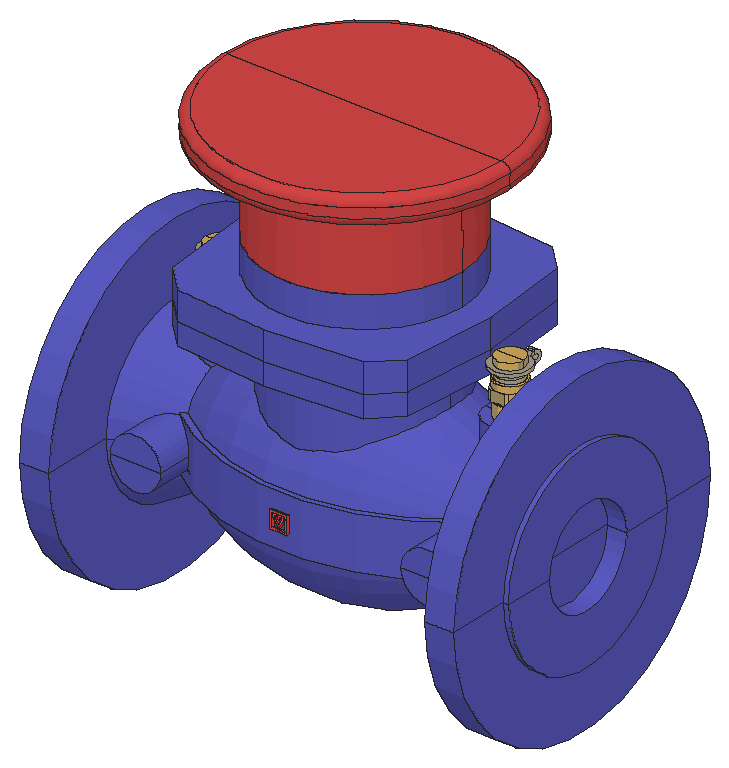
Revit family "HERZ Strömax Балансировочный клапан с измерительными клапанами, шпиндель прямой 4218 GF", category Rohrzubehör, Revit 2021
Family settings
  Bemaßung runder Anschluss = Durchmesser verwenden
  Teiletyp = Unterbricht
  OmniClass-Nummer = 23.65.55.14
  OmniClass-Titel = Valves for Liquid Services
  Arbeitsebenenbasiert = Nein
  Immer vertikal = Ja
  Beim Laden mit Abzugskörper schneiden = Nein
  Gemeinsam genutzt = Nein
Parameters
  Среда = "Допускается использование этилен- и пропиленгликоля в концентрации смеси 25-50% объема.\r\nКачество теплоносителя согласно ÖNORM H 5195 и VDI 2035."
  Область применения = "Для гидравлической балансировки в системах отопления или охлаждения, регулирования и перекрытия трубопроводов, стояков, теплообменников, тепловых и холодильных регистров."
  Номер заказа [instance] = size_lookup("4218_GF_", "Artnr", 0, Nennweite)  # 1421880
  Мин. рабочая температура = -10 °C  # constant formula
  Макс. рабочее давление = 1600000.0 Pa  # constant formula
  Макс. рабочая температура = 110 °C  # constant formula
  Корпус = "чугун GJL 250 по EN 1561"  # constant formula
  Исполнение = "Балансировочный клапан STRÖMAX-GF с измерительными клапанами DN 50 - 300:\r\nПрямой шпиндель, корпус из серого чугуна GJL 250 по EN 1561, фланец согласно EN 1092, PN 16, окрашен в синий цвет.\r\nБукса из серого чугуна GJL 250, с неподнимающимся шпинделем, уплотнение шпинделя с помощью тройного кольцевого уплотнения Цифровой указатель ступеней предварительной настройки."
  Измерение перепада давления = "Балансировочный клапан Strömax GF оборудован двумя измерительными клапанами:\r\nпри использовании соответствующего измерительного прибора можно измерить перепад давления и благодаря этому можно соответственно определить расход в зависимости от степени настройки.\r\nКроме того, с HERZ измерительного компьютера можно непосредственно считывать показания расхода (см. инструкцию).\r\nПри использовании этиленгликоля, как средства от замерзания, меняется плотность теплоносителя, которую обязательно необходимо учитывать при измерениях перепада давления."
  Букса = "чугун GJL 250 по EN 1561"  # constant formula
  kvs-значения [instance] = if(Nennweite = 50.00 mm, 34.96, if(Nennweite = 65.00 mm, 66.94, if(Nennweite = 80.00 mm, 106.78, if(Nennweite = 100.00 mm, 169.45, if(Nennweite = 125.00 mm, 255.79, if(Nennweite = 150.00 mm, 389.54, if(Nennweite = 200.00 mm, 676.33, if(Nennweite = 250.00 mm, 1082.72, if(Nennweite = 300.00 mm, 1784.91, 0)))))))))  # 34.96
  Счетное устройство = "пластмасса"  # constant formula
  W02 = 60.00°  # constant formula
  W01 = 85.00°  # constant formula
  Кегель клапана = "чугун GJL 250 по EN 1561/ EPDM с покрытием"  # constant formula
  Vorgabe-Ansicht = 0.00 mm
  S01 [instance] = Nennweite + 10.00 mm  # 60.00 mm
  Регулировочный шпиндель = "латунь / нержавеющая сталь"  # constant formula
  Шпиндель (DN50 - DN100) = "латунь"  # constant formula
  O-Ring = "EPDM"  # constant formula
  URL = "www.herz-armaturen.ru"
  SCRNSEQ = "ARM;ARM_TYP=\"STRV\";2"
  SCRNCODE = "05;07;02"  # constant formula
  R02 [instance] = size_lookup("4218_GF_", "R2", 1.00 mm, Nennweite)  # 12.50 mm
  R01 [instance] = size_lookup("4218_GF_", "R1", 1.00 mm, Nennweite)  # 13.00 mm
  Шпиндель (DN125 - DN300) = "нержавеющая сталь"  # constant formula
  Nennweite [instance] = 50.00 mm
  L04 [instance] = size_lookup("4218_GF_", "L4", 1.00 mm, Nennweite)  # 75.00 mm
  L03 [instance] = if(Nennweite = 50.00 mm, 48.00 mm, if(Nennweite = 65.00 mm, 52.00 mm, if(Nennweite = 80.00 mm, 60.00 mm, if(Nennweite = 100.00 mm, 75.00 mm, 15.00 mm))))  # 48.00 mm
  L02 [instance] = size_lookup("4218_GF_", "L2", 1.00 mm, Nennweite)  # 75.00 mm
  L01 [instance] = size_lookup("4218_GF_", "L1", 1.00 mm, Nennweite)  # 70.00 mm
  L00 [instance] = size_lookup("4218_GF_", "L", 1.00 mm, Nennweite)  # 230.00 mm
  Hersteller = "HERZ Armaturen Ges.m.b.H."  # constant formula
  H09 [instance] = H08 + H02  # 109.00 mm
  H08 [instance] = size_lookup("4218_GF_", "H8", 1.00 mm, Nennweite)  # 31.00 mm
  H07 [instance] = H02 + H06  # 93.00 mm
  H06 [instance] = size_lookup("4218_GF_", "H6", 1.00 mm, Nennweite)  # 15.00 mm
  H05 [instance] = size_lookup("4218_GF_", "H5", 1.00 mm, Nennweite)  # 51.50 mm
  H04 [instance] = H02 - H03  # 67.00 mm
  H03 [instance] = size_lookup("4218_GF_", "H3", 1.00 mm, Nennweite)  # 11.00 mm
  H02 [instance] = size_lookup("4218_GF_", "H2", 1.00 mm, Nennweite)  # 78.00 mm
  H01 [instance] = size_lookup("4218_GF_", "H1", 1.00 mm, Nennweite)  # 54.00 mm
  GT = 10.00 mm  # constant formula
  FLL02 [instance] = size_lookup("4218_GF_", "FLL2", 1.00 mm, Nennweite)  # 15.00 mm
  FLL01 [instance] = size_lookup("4218_GF_", "FLL1", 1.00 mm, Nennweite)  # 3.00 mm
  FLD03 [instance] = size_lookup("4218_GF_", "FLD3", 1.00 mm, Nennweite)  # 30.20 mm
  FLD02 [instance] = size_lookup("4218_GF_", "FLD2", 1.00 mm, Nennweite)  # 46.00 mm
  FLD01 [instance] = size_lookup("4218_GF_", "FLD1", 1.00 mm, Nennweite)  # 51.00 mm
  FLD00 [instance] = size_lookup("4218_GF_", "FLD", 1.00 mm, Nennweite)  # 82.50 mm
  DN80-DN100 [instance] = or(Nennweite = 80.00 mm, Nennweite = 100.00 mm)  # no
  DN80 [instance] = Nennweite = 80.00 mm  # no
  DN65 [instance] = Nennweite = 65.00 mm  # no
  DN50-DN65 [instance] = or(Nennweite = 50.00 mm, Nennweite = 65.00 mm)  # yes
  DN50-DN100 [instance] = or(Nennweite = 50.00 mm, Nennweite = 65.00 mm, Nennweite = 80.00 mm, Nennweite = 100.00 mm)  # yes
  DN50 [instance] = Nennweite = 50.00 mm  # yes
  DN300 [instance] = Nennweite = 300.00 mm  # no
  DN250 [instance] = Nennweite = 250.00 mm  # no
  DN200-DN300 [instance] = or(Nennweite = 200.00 mm, Nennweite = 250.00 mm, Nennweite = 300.00 mm)  # no
  DN200 [instance] = Nennweite = 200.00 mm  # no
  DN150 [instance] = Nennweite = 150.00 mm  # no
  DN125-DN300 [instance] = or(Nennweite = 125.00 mm, Nennweite = 150.00 mm, Nennweite = 200.00 mm, Nennweite = 250.00 mm, Nennweite = 300.00 mm)  # no
  DN125-DN150 [instance] = or(Nennweite = 125.00 mm, Nennweite = 150.00 mm)  # no
  DN125 [instance] = Nennweite = 125.00 mm  # no
  DN100 [instance] = Nennweite = 100.00 mm  # no
  D03 [instance] = size_lookup("4218_GF_", "D3", 1.00 mm, Nennweite)  # 50.50 mm
  D02 [instance] = size_lookup("4218_GF_", "D2", 1.00 mm, Nennweite)  # 65.00 mm
  D01 [instance] = size_lookup("4218_GF_", "D1", 1.00 mm, Nennweite)  # 44.50 mm
  D00 [instance] = size_lookup("4218_GF_", "D", 1.00 mm, Nennweite)  # 54.00 mm
  BH02 [instance] = -BH01  # -13.50 mm
  BH01 [instance] = size_lookup("4218_GF_", "BH1", 1.00 mm, Nennweite)  # 13.50 mm
  Anschluss [instance] = Nennweite / 2  # 25.00 mm
Reference planes
  plane 1 "Mitte (Vorne/hinten)": y = 0
  plane 2: z = 0
  plane 3 "Mitte (Links/rechts)": x = 0
Forms (mm)
  Revolve 1, solid, material "Herz-Marineblau", detail levels fine
    sketch origin (1058.943, 0, 0) x (1, 0, 0) y (0, 1, 0)
      loop
        line (-1170.943, 82.5) -> (-1170.943, 51) -> (-1173.943, 51) -> (-1173.943, 25) -> (-1163.943, 25) -> (-1163.943, 0) -> (-953.943, 0) -> (-953.943, 25) -> (-943.943, 25) -> (-943.943, 51) -> (-946.943, 51) -> (-946.943, 82.5) -> (-961.943, 82.5) -> (-961.943, 46) -> (-988.943, 30.2)
        arc (-988.943, 30.2) -> (-1058.943, 54) -> (-1128.943, 30.2) r 114.841
        line (-1128.943, 30.2) -> (-1155.943, 46) -> (-1155.943, 82.5) -> (-1170.943, 82.5)
      axis (-1173.943, 0) -> (-943.943, 0)
    angle from 0 to 360
  Revolve 2, solid, material "Herz-Marineblau", detail levels fine
    sketch origin (0, 0, 0) x (1, 0, 0) y (0, 1, 0)
      loop
        line (-75, 54) -> (-88, 54) -> (-88, -54) -> (-75, -54) -> (-75, 54)
      axis (-75, 54) -> (-75, -54)
    angle from 0 to 360
  Revolve 3, solid, material "Herz-Marineblau", detail levels fine
    sketch origin (0, 0, 0) x (-1, 0, 0) y (0, 1, 0)
      loop
        line (-75, 54) -> (-88, 54) -> (-88, -54) -> (-75, -54) -> (-75, 54)
      axis (-75, 54) -> (-75, -54)
    angle from 0 to 360
  Revolve 4, solid, material "Herz-Marineblau", visible <- "DN125-DN300", detail levels fine
    sketch origin (0, 0, 0) x (1, 0, 0) y (0, 0, 1)
      loop
        line (0, 0) -> (0, 78) -> (-65, 78) -> (-65, 67) -> (-44.5, 67) -> (-44.5, 0) -> (0, 0)
      axis (0, 78) -> (0, 0)
    angle from 0 to 360
  Revolve 5, solid, material "Herz-Marineblau", visible <- "DN50-DN100", detail levels fine
    sketch origin (0, 0, 0) x (1, 0, 0) y (0, 0, 1)
      loop
        line (0, 0) -> (0, 67) -> (-44.5, 67) -> (-44.5, 0) -> (0, 0)
      axis (0, 67) -> (0, 0)
    angle from 0 to 360
  Extrusion 6, solid, material "Herz-Marineblau", visible <- "DN50-DN100", detail levels fine
    sketch origin (0, 0, 0) x (1, 0, 0) y (0, 1, 0)
      loop
        line (0, 65) -> (-48, 60.801) -> (-60.801, 48) -> (-65, 0) -> (-60.801, -48) -> (-48, -60.801) -> (0, -65) -> (48, -60.801) -> (60.801, -48) -> (65, 0) -> (60.801, 48) -> (48, 60.801) -> (0, 65)
    from 67 <- "H04" to 78 <- "H02"
  Revolve 7, solid, material "Herz-Marineblau", detail levels fine
    sketch origin (0, 0, 0) x (1, 0, 0) y (0, 0, 1)
      loop
        line (-75, 0) -> (-75, 51.5) -> (-87.5, 51.5) -> (-87.5, 0) -> (-75, 0)
      axis (-75, 51.5) -> (-75, 0)
    angle from 0 to 360
  Revolve 8, solid, material "Herz-Marineblau", detail levels fine
    sketch origin (0, 0, 0) x (-1, 0, 0) y (0, 0, 1)
      loop
        line (-75, 0) -> (-75, 51.5) -> (-87.5, 51.5) -> (-87.5, 0) -> (-75, 0)
      axis (-75, 51.5) -> (-75, 0)
    angle from 0 to 360
  Extrusion 9, solid, material "Herz-Marineblau", visible <- "DN50", detail levels fine
    sketch origin (0, 0, 0) x (1, 0, 0) y (0, 1, 0)
      loop
        line (-75, 27.444) -> (-75, -27.444)
        arc (-75, -27.444) -> (0, -55) -> (75, -27.444) r 115.842
        line (75, -27.444) -> (75, 27.444)
        arc (75, 27.444) -> (0, 55) -> (-75, 27.444) r 115.842
    from -13.5 <- "BH02" to 13.5 <- "BH01"
  Extrusion 10, solid, material "Herz-Marineblau", visible <- "DN65", detail levels fine
    sketch origin (0, 0, 0) x (1, 0, 0) y (0, 1, 0)
      loop
        arc (-89, -45.667) -> (0, -68.022) -> (89, -45.667) r 188.34
        line (89, -45.667) -> (89, 45.667)
        arc (89, 45.667) -> (0, 68.022) -> (-89, 45.667) r 188.34
        line (-89, 45.667) -> (-89, -45.667)
    from -13.5 <- "BH02" to 13.5 <- "BH01"
  Extrusion 11, solid, material "Herz-Marineblau", visible <- "DN80", detail levels fine
    sketch origin (0, 0, 0) x (1, 0, 0) y (0, 1, 0)
      loop
        arc (-100, -48.604) -> (0, -75.01) -> (100, -48.604) r 202.557
        line (100, -48.604) -> (100, 48.604)
        arc (100, 48.604) -> (0, 75.01) -> (-100, 48.604) r 202.557
        line (-100, 48.604) -> (-100, -48.604)
    from -13.5 <- "BH02" to 13.5 <- "BH01"
  Extrusion 12, solid, material "Herz-Marineblau", visible <- "DN100", detail levels fine
    sketch origin (0, 0, 0) x (1, 0, 0) y (0, 1, 0)
      loop
        arc (-118, -60.889) -> (0, -83.721) -> (118, -60.889) r 316.34
        line (118, -60.889) -> (118, 60.889)
        arc (118, 60.889) -> (0, 83.721) -> (-118, 60.889) r 316.34
        line (-118, 60.889) -> (-118, -60.889)
    from -13.5 <- "BH02" to 13.5 <- "BH01"
  Extrusion 13, solid, material "Herz-Marineblau", visible <- "DN125", detail levels fine
    sketch origin (0, 0, 0) x (1, 0, 0) y (0, 1, 0)
      loop
        arc (-140, -75.261) -> (0, -118.541) -> (140, -75.261) r 248.073
        line (140, -75.261) -> (140, 75.261)
        arc (140, 75.261) -> (0, 118.541) -> (-140, 75.261) r 248.073
        line (-140, 75.261) -> (-140, -75.261)
    from -13.5 <- "BH02" to 13.5 <- "BH01"
  Extrusion 14, solid, material "Herz-Marineblau", visible <- "DN150", detail levels fine
    sketch origin (0, 0, 0) x (1, 0, 0) y (0, 1, 0)
      loop
        arc (-170, -94.727) -> (0, -138.5) -> (170, -94.727) r 352.003
        line (170, -94.727) -> (170, 94.727)
        arc (170, 94.727) -> (0, 138.5) -> (-170, 94.727) r 352.003
        line (-170, 94.727) -> (-170, -94.727)
    from -13.5 <- "BH02" to 13.5 <- "BH01"
  Extrusion 15, solid, material "Herz-Marineblau", visible <- "DN200", detail levels fine
    sketch origin (0, 0, 0) x (1, 0, 0) y (0, 1, 0)
      loop
        arc (-200, -127.319) -> (0, -163.032) -> (200, -127.319) r 577.879
        line (200, -127.319) -> (200, 127.319)
        arc (200, 127.319) -> (0, 163.032) -> (-200, 127.319) r 577.879
        line (-200, 127.319) -> (-200, -127.319)
    from -13.5 <- "BH02" to 13.5 <- "BH01"
  Extrusion 16, solid, material "Herz-Marineblau", visible <- "DN250", detail levels fine
    sketch origin (0, 0, 0) x (1, 0, 0) y (0, 1, 0)
      loop
        arc (-250, -153.89) -> (0, -191.531) -> (250, -153.89) r 849.033
        line (250, -153.89) -> (250, 153.89)
        arc (250, 153.89) -> (0, 191.531) -> (-250, 153.89) r 849.033
        line (-250, 153.89) -> (-250, -153.89)
    from -13.5 <- "BH02" to 13.5 <- "BH01"
  Extrusion 17, solid, material "Herz-Marineblau", visible <- "DN300", detail levels fine
    sketch origin (0, 0, 0) x (1, 0, 0) y (0, 1, 0)
      loop
        arc (-300, -192.377) -> (0, -268.099) -> (300, -192.377) r 632.133
        line (300, -192.377) -> (300, 192.377)
        arc (300, 192.377) -> (0, 268.099) -> (-300, 192.377) r 632.133
        line (-300, 192.377) -> (-300, -192.377)
    from -13.5 <- "BH02" to 13.5 <- "BH01"
  Extrusion 18, solid, material "Herz-Marineblau", visible <- "DN50-DN100", detail levels fine
    sketch origin (0, 0, 0) x (1, 0, 0) y (0, 1, 0)
      loop
        line (0, 65) -> (-48, 60.801) -> (-60.801, 48) -> (-65, 0) -> (-60.801, -48) -> (-48, -60.801) -> (0, -65) -> (48, -60.801) -> (60.801, -48) -> (65, 0) -> (60.801, 48) -> (48, 60.801) -> (0, 65)
    from 78 <- "H02" to 93 <- "H07"
  Revolve 19, solid, material "Herz-Marineblau", visible <- "DN125-DN300", detail levels fine
    sketch origin (0, 0, 0) x (1, 0, 0) y (0, 0, 1)
      loop
        line (0, 78) -> (0, 109) -> (-50.5, 109) -> (-50.5, 93) -> (-65, 93) -> (-65, 78) -> (0, 78)
      axis (0, 109) -> (0, 78)
    angle from 0 to 360
  Revolve 20, solid, material "Herz-Marineblau", visible <- "DN50-DN100", detail levels fine
    sketch origin (0, 0, 0) x (1, 0, 0) y (0, 0, 1)
      loop
        line (0, 93) -> (0, 109) -> (-50.5, 109) -> (-50.5, 93) -> (0, 93)
      axis (0, 109) -> (0, 93)
    angle from 0 to 360
Lines and regions (mm)
  model lines, detail levels coarse+medium
    curve 1: line (-115, 0, 82.5) -> (-115, 0, -82.5)
    curve 2: line (-115, 0, -82.5) -> (115, 0, 82.5)
    curve 3: line (115, 0, 82.5) -> (115, 0, -82.5)
    curve 4: line (115, 0, -82.5) -> (-115, 0, 82.5)
    curve 5: line (0, 0, 0) -> (62.931, 0, 109)
    curve 6: line (36.95, 0, 124) -> (88.912, 0, 94)
    curve 7: line (-115, 82.5, 0) -> (-115, -82.5, 0)
    curve 8: line (-115, -82.5, 0) -> (115, 82.5, 0)
    curve 9: line (115, 82.5, 0) -> (115, -82.5, 0)
    curve 10: line (115, -82.5, 0) -> (-115, 82.5, 0)
    curve 11: line (0, 0, 0) -> (62.931, 109, 0)
    curve 12: line (36.95, 124, 0) -> (88.912, 94, 0)
Dimensions and locks
  "FLD00": plane 1 "Mitte (Vorne/hinten)" to Revolve 1 sketch curve
  "FLD01": plane 1 "Mitte (Vorne/hinten)" to Revolve 1 sketch curve
  "FLD02": plane 1 "Mitte (Vorne/hinten)" to Revolve 1 sketch curve  (x2)
  "FLD03": plane 1 "Mitte (Vorne/hinten)" to Revolve 1 sketch curve  (x2)
  "GT": Revolve 1 sketch curve to Revolve 1 sketch curve  (x2)
  "FLL01": Revolve 1 sketch curve to Revolve 1 sketch curve  (x2)
  "FLL02": Revolve 1 sketch curve to Revolve 1 sketch curve  (x2)
  equal spacing: Revolve 1 sketch curve, plane 3 "Mitte (Links/rechts)", Revolve 1 sketch curve
  "Anschluss": Revolve 1 sketch curve to plane 1 "Mitte (Vorne/hinten)"
  "Anschluss": plane 1 "Mitte (Vorne/hinten)" to Revolve 1 sketch curve
  "FLD01": Revolve 1 sketch curve to plane 1 "Mitte (Vorne/hinten)"
  "FLD00": Revolve 1 sketch curve to plane 1 "Mitte (Vorne/hinten)"
  "L00": Revolve 1 sketch curve to Revolve 1 sketch curve
  "D00": plane 1 "Mitte (Vorne/hinten)" to Revolve 1 sketch curve
  "L01": Revolve 1 sketch curve to plane 3 "Mitte (Links/rechts)" to Revolve 1 sketch curve
  "L02": Revolve 2 sketch curve to plane 3 "Mitte (Links/rechts)"
  "R01": Revolve 2 sketch curve to Revolve 2 sketch curve
  "H01": Revolve 2 sketch curve to plane 1 "Mitte (Vorne/hinten)" to Revolve 2 sketch curve
  "L02": plane 3 "Mitte (Links/rechts)" to Revolve 3 sketch curve
  "R01": Revolve 3 sketch curve to Revolve 3 sketch curve
  "H01": Revolve 3 sketch curve to plane 1 "Mitte (Vorne/hinten)" to Revolve 3 sketch curve
  "H02": Revolve 4 sketch curve to plane 2
  "D01": Revolve 4 sketch curve to Revolve 4 sketch curve
  "D02": Revolve 4 sketch curve to Revolve 4 sketch curve
  "H03": Revolve 4 sketch curve to Revolve 4 sketch curve
  "H04": Revolve 5 sketch curve to plane 2
  "D01": Revolve 5 sketch curve to Revolve 5 sketch curve
  "D02": Extrusion 6 sketch curve to plane 3 "Mitte (Links/rechts)" to Extrusion 6 sketch curve
  "D02": Extrusion 6 sketch curve to plane 1 "Mitte (Vorne/hinten)" to Extrusion 6 sketch curve
  "L03": Extrusion 6 sketch curve to plane 3 "Mitte (Links/rechts)"  (x2)
  "L03": plane 3 "Mitte (Links/rechts)" to Extrusion 6 sketch curve  (x2)
  "L03": plane 1 "Mitte (Vorne/hinten)" to Extrusion 6 sketch curve  (x2)
  "L03": Extrusion 6 sketch curve to plane 1 "Mitte (Vorne/hinten)"  (x2)
  "L04": plane 3 "Mitte (Links/rechts)" to Revolve 7 sketch curve
  "R02": Revolve 7 sketch curve to Revolve 7 sketch curve
  "H05": Revolve 7 sketch curve to plane 2
  "R02": Revolve 8 sketch curve to Revolve 8 sketch curve
  "L04": Revolve 8 sketch curve to plane 3 "Mitte (Links/rechts)"
  "H05": Revolve 8 sketch curve to plane 2
  "L04": plane 3 "Mitte (Links/rechts)" to nested 1
  "L04": nested 2 to plane 3 "Mitte (Links/rechts)"
  "H05": nested 1 to plane 2
  "H05": nested 2 to plane 2
  "L03": Extrusion 18 sketch curve to plane 3 "Mitte (Links/rechts)"  (x2)
  "L03": plane 3 "Mitte (Links/rechts)" to Extrusion 18 sketch curve  (x2)
  "L03": plane 1 "Mitte (Vorne/hinten)" to Extrusion 18 sketch curve  (x2)
  "L03": Extrusion 18 sketch curve to plane 1 "Mitte (Vorne/hinten)"  (x2)
  "D02": Extrusion 18 sketch curve to plane 3 "Mitte (Links/rechts)" to Extrusion 18 sketch curve
  "D02": Extrusion 18 sketch curve to plane 1 "Mitte (Vorne/hinten)" to Extrusion 18 sketch curve
  "H02": Revolve 19 sketch curve to plane 2
  "H06": Revolve 19 sketch curve to Revolve 19 sketch curve
  "H08": Revolve 19 sketch curve to Revolve 19 sketch curve
  "D03": Revolve 19 sketch curve to Revolve 19 sketch curve
  "D02": Revolve 19 sketch curve to Revolve 19 sketch curve
  "D03": Revolve 20 sketch curve to Revolve 20 sketch curve
  "H07": Revolve 20 sketch curve to plane 2
  "H08": Revolve 20 sketch curve to Extrusion 18
  "H09": nested 12 to plane 2
  "H09": nested 13 to plane 2
  "H09": nested 14 to plane 2
  "H09": nested 15 to plane 2
  "FLD00": curve 4 to plane 2 to curve 2
  "FLD00": curve 3 to plane 2 to curve 4
  equal spacing: curve 1, plane 3 "Mitte (Links/rechts)", curve 3
  "L00": curve 1 to curve 3
  "H09": curve 5 to plane 2
  equal spacing: curve 1, curve 5, curve 3
  equal spacing: curve 6, curve 5, curve 6
  "S01": curve 6 to curve 6
  "FLD00": curve 8 to plane 1 "Mitte (Vorne/hinten)" to curve 10
  "FLD00": curve 10 to plane 1 "Mitte (Vorne/hinten)" to curve 9
  equal spacing: curve 7, plane 3 "Mitte (Links/rechts)", curve 9
  "L00": curve 7 to curve 9
  equal spacing: curve 7, curve 11, curve 9
  "H09": plane 1 "Mitte (Vorne/hinten)" to curve 11
  equal spacing: curve 12, curve 11, curve 12
  "S01": curve 12 to curve 12
  "W01": angle Extrusion 6 sketch curve to plane 3 "Mitte (Links/rechts)"  (x2)
  "W01": angle plane 3 "Mitte (Links/rechts)" to Extrusion 6 sketch curve  (x2)
  "W01": angle Extrusion 6 sketch curve to plane 1 "Mitte (Vorne/hinten)"  (x2)
  "W01": angle plane 1 "Mitte (Vorne/hinten)" to Extrusion 6 sketch curve  (x2)
  "W01": angle plane 1 "Mitte (Vorne/hinten)" to Extrusion 18 sketch curve  (x2)
  "W01": angle Extrusion 18 sketch curve to plane 1 "Mitte (Vorne/hinten)"  (x2)
  "W01": angle Extrusion 18 sketch curve to plane 3 "Mitte (Links/rechts)"  (x2)
  "W01": angle plane 3 "Mitte (Links/rechts)" to Extrusion 18 sketch curve  (x2)
  "W02": angle plane 2 to curve 5
  "W02": angle plane 1 "Mitte (Vorne/hinten)" to curve 11
  aligned and locked: level to plane 2
Automatic sketch dimensions
  Extrusion 9 sketch curve to plane 3 "Mitte (Links/rechts)" = 0.00 mm  (x2)
  Extrusion 9 sketch curve to plane 1 "Mitte (Vorne/hinten)" = 27.444 mm  (x2)
  Extrusion 9 sketch curve to plane 3 "Mitte (Links/rechts)" = 75.00 mm
  plane 1 "Mitte (Vorne/hinten)" to Extrusion 9 sketch curve = 60.843 mm
  Extrusion 9 sketch curve to plane 1 "Mitte (Vorne/hinten)" = 60.843 mm
  plane 1 "Mitte (Vorne/hinten)" to Extrusion 9 sketch curve = 27.444 mm
  Extrusion 10 sketch curve to plane 3 "Mitte (Links/rechts)" = 0.00 mm  (x2)
  plane 1 "Mitte (Vorne/hinten)" to Extrusion 10 sketch curve = 45.667 mm
  Extrusion 10 sketch curve to plane 3 "Mitte (Links/rechts)" = 89.00 mm
  Extrusion 10 sketch curve to Extrusion 10 sketch curve = 74.651 mm
  Extrusion 10 sketch curve to plane 1 "Mitte (Vorne/hinten)" = 120.318 mm
  Extrusion 10 sketch curve to plane 1 "Mitte (Vorne/hinten)" = 45.667 mm  (x2)
  Extrusion 11 sketch curve to plane 3 "Mitte (Links/rechts)" = 0.00 mm  (x2)
  plane 1 "Mitte (Vorne/hinten)" to Extrusion 11 sketch curve = 48.604 mm  (x2)
  Extrusion 11 sketch curve to plane 3 "Mitte (Links/rechts)" = 100.00 mm
  Extrusion 11 sketch curve to Extrusion 11 sketch curve = 78.943 mm
  Extrusion 11 sketch curve to plane 1 "Mitte (Vorne/hinten)" = 127.547 mm
  Extrusion 11 sketch curve to plane 1 "Mitte (Vorne/hinten)" = 48.604 mm
  Extrusion 12 sketch curve to plane 3 "Mitte (Links/rechts)" = 0.00 mm  (x2)
  Extrusion 12 sketch curve to plane 1 "Mitte (Vorne/hinten)" = 60.889 mm  (x2)
  Extrusion 12 sketch curve to plane 3 "Mitte (Links/rechts)" = 118.00 mm
  plane 1 "Mitte (Vorne/hinten)" to Extrusion 12 sketch curve = 232.619 mm
  Extrusion 12 sketch curve to Extrusion 12 sketch curve = 171.731 mm
  plane 1 "Mitte (Vorne/hinten)" to Extrusion 12 sketch curve = 60.889 mm
  Extrusion 13 sketch curve to plane 3 "Mitte (Links/rechts)" = 0.00 mm  (x2)
  Extrusion 13 sketch curve to plane 1 "Mitte (Vorne/hinten)" = 75.261 mm  (x2)
  Extrusion 13 sketch curve to plane 3 "Mitte (Links/rechts)" = 140.00 mm
  plane 1 "Mitte (Vorne/hinten)" to Extrusion 13 sketch curve = 129.532 mm
  Extrusion 13 sketch curve to plane 1 "Mitte (Vorne/hinten)" = 129.532 mm
  plane 1 "Mitte (Vorne/hinten)" to Extrusion 13 sketch curve = 75.261 mm
  Extrusion 14 sketch curve to plane 3 "Mitte (Links/rechts)" = 0.00 mm  (x2)
  plane 1 "Mitte (Vorne/hinten)" to Extrusion 14 sketch curve = 94.727 mm  (x2)
  Extrusion 14 sketch curve to plane 3 "Mitte (Links/rechts)" = 170.00 mm
  Extrusion 14 sketch curve to Extrusion 14 sketch curve = 118.776 mm
  Extrusion 14 sketch curve to plane 1 "Mitte (Vorne/hinten)" = 213.503 mm
  Extrusion 14 sketch curve to plane 1 "Mitte (Vorne/hinten)" = 94.727 mm
  Extrusion 15 sketch curve to plane 3 "Mitte (Links/rechts)" = 0.00 mm  (x2)
  Extrusion 15 sketch curve to plane 1 "Mitte (Vorne/hinten)" = 127.319 mm  (x2)
  Extrusion 15 sketch curve to plane 3 "Mitte (Links/rechts)" = 200.00 mm
  plane 1 "Mitte (Vorne/hinten)" to Extrusion 15 sketch curve = 414.847 mm
  Extrusion 15 sketch curve to Extrusion 15 sketch curve = 287.528 mm
  plane 1 "Mitte (Vorne/hinten)" to Extrusion 15 sketch curve = 127.319 mm
  Extrusion 16 sketch curve to plane 3 "Mitte (Links/rechts)" = 0.00 mm  (x2)
  Extrusion 16 sketch curve to plane 1 "Mitte (Vorne/hinten)" = 153.89 mm  (x2)
  Extrusion 16 sketch curve to plane 3 "Mitte (Links/rechts)" = 250.00 mm
  plane 1 "Mitte (Vorne/hinten)" to Extrusion 16 sketch curve = 657.503 mm
  Extrusion 16 sketch curve to Extrusion 16 sketch curve = 503.613 mm
  plane 1 "Mitte (Vorne/hinten)" to Extrusion 16 sketch curve = 153.89 mm
  Extrusion 17 sketch curve to plane 3 "Mitte (Links/rechts)" = 0.00 mm  (x2)
  Extrusion 17 sketch curve to plane 1 "Mitte (Vorne/hinten)" = 192.377 mm  (x2)
  Extrusion 17 sketch curve to plane 3 "Mitte (Links/rechts)" = 300.00 mm
  plane 1 "Mitte (Vorne/hinten)" to Extrusion 17 sketch curve = 364.034 mm
  Extrusion 17 sketch curve to Extrusion 17 sketch curve = 171.657 mm
  plane 1 "Mitte (Vorne/hinten)" to Extrusion 17 sketch curve = 192.377 mm
  plane 1 "Mitte (Vorne/hinten)" to Revolve 1 sketch curve = 0.00 mm  (x2)
  Revolve 1 sketch curve to Revolve 1 sketch curve = 35.00 mm
  Revolve 1 sketch curve to Revolve 1 sketch curve = 30.00 mm
  Revolve 2 sketch curve to Revolve 2 sketch curve = 0.00 mm  (x3)
  Revolve 3 sketch curve to Revolve 3 sketch curve = 0.00 mm  (x3)
  Revolve 4 sketch curve to level = 0.00 mm
  Revolve 4 sketch curve to plane 3 "Mitte (Links/rechts)" = 0.00 mm  (x2)
  Revolve 4 sketch curve to Revolve 4 sketch curve = 366.045 mm
  Revolve 4 sketch curve to Revolve 4 sketch curve = 2169.315 mm
  Revolve 5 sketch curve to level = 0.00 mm
  Revolve 5 sketch curve to plane 3 "Mitte (Links/rechts)" = 0.00 mm  (x2)
  Revolve 5 sketch curve to Revolve 5 sketch curve = 366.045 mm
  Revolve 5 sketch curve to Revolve 5 sketch curve = 2147.315 mm
  Extrusion 6 sketch curve to plane 3 "Mitte (Links/rechts)" = 0.00 mm  (x2)
  plane 1 "Mitte (Vorne/hinten)" to Extrusion 6 sketch curve = 0.00 mm  (x2)
  Revolve 7 sketch curve to level = 0.00 mm  (x2)
  Revolve 7 sketch curve to Revolve 7 sketch curve = 0.00 mm  (x2)
  Revolve 8 sketch curve to level = 0.00 mm  (x2)
  Revolve 8 sketch curve to Revolve 8 sketch curve = 0.00 mm  (x2)
  Extrusion 18 sketch curve to plane 3 "Mitte (Links/rechts)" = 0.00 mm  (x2)
  plane 1 "Mitte (Vorne/hinten)" to Extrusion 18 sketch curve = 0.00 mm  (x2)
  Revolve 19 sketch curve to plane 3 "Mitte (Links/rechts)" = 0.00 mm  (x2)
  Revolve 19 sketch curve to level = 366.045 mm
  Revolve 19 sketch curve to Revolve 19 sketch curve = 2105.315 mm
  Revolve 20 sketch curve to plane 3 "Mitte (Links/rechts)" = 0.00 mm  (x2)
  Revolve 20 sketch curve to level = 366.045 mm
  Revolve 20 sketch curve to Revolve 20 sketch curve = 2105.315 mm
Nested families
  nested 1: "Messstutzen_Band_Eintritt_senkrecht_(oben)" at (-75, 0, 42.5), type "Messstutzen_Band_Eintritt_senkrecht_(oben)", detail levels fine
    with Schutzkappe yes, Nennweite 0.00 mm, Gewicht 0.00 kg, Bestellnummer 0
  nested 2: "Messstutzen_Band_Austritt_senkrecht_(oben)" at (75, 0, 42.5), type "Messstutzen_Band_Austritt_senkrecht_(oben)", detail levels fine
    with Schutzkappe yes, Nennweite 0.00 mm, Gewicht 0.00 kg, Bestellnummer 0
  nested 3: "Herz-Logo-vorne" at (0, -55, 0) x (0, 1, 0) z (0, 0, 1), visible <- "DN50", type "Herz-Logo-vorne", detail levels fine
  nested 4: "Herz-Logo-vorne" at (0, -68.004, 0) x (0, 1, 0) z (0, 0, 1), visible <- "DN65", type "Herz-Logo-vorne", detail levels fine
  nested 5: "Herz-Logo-vorne" at (0, -74.992, 0) x (0, 1, 0) z (0, 0, 1), visible <- "DN80", type "Herz-Logo-vorne", detail levels fine
  nested 6: "Herz-Logo-vorne" at (0, -83.721, 0) x (0, 1, 0) z (0, 0, 1), visible <- "DN100", type "Herz-Logo-vorne", detail levels fine
  nested 7: "Herz-Logo-vorne" at (0, -118.541, 0) x (0, 1, 0) z (0, 0, 1), visible <- "DN125", type "Herz-Logo-vorne", detail levels fine
  nested 8: "Herz-Logo-vorne" at (0, -138.5, 0) x (0, 1, 0) z (0, 0, 1), visible <- "DN150", type "Herz-Logo-vorne", detail levels fine
  nested 9: "Herz-Logo-vorne" at (0, -163.032, 0) x (0, 1, 0) z (0, 0, 1), visible <- "DN200", type "Herz-Logo-vorne", detail levels fine
  nested 10: "Herz-Logo-vorne" at (0, -191.513, 0) x (0, 1, 0) z (0, 0, 1), visible <- "DN250", type "Herz-Logo-vorne", detail levels fine
  nested 11: "Herz-Logo-vorne" at (0, -268.082, 0) x (0, 1, 0) z (0, 0, 1), visible <- "DN300", type "Herz-Logo-vorne", detail levels fine
  nested 12: "Strangregulierventil-Handrad_VOLL-Gerade (Rot) DN50-DN65" at (0, 0, 109), visible <- "DN50-DN65", type "Strangregulierventil-Handrad_VOLL-Gerade (Rot) DN50-DN65", detail levels fine
  nested 13: "Strangregulierventil-Handrad_VOLL-Gerade (Rot) DN80-DN100" at (0, 0, 109), visible <- "DN80-DN100", type "Strangregulierventil-Handrad_VOLL-Gerade (Rot) DN80-DN100", detail levels fine
  nested 14: "Strangregulierventil-Handrad_VOLL-Gerade (Rot) DN125-DN150" at (0, 0, 109), visible <- "DN125-DN150", type "Strangregulierventil-Handrad_VOLL-Gerade (Rot) DN125-DN150", detail levels fine
  nested 15: "Strangregulierventil-Handrad_VOLL-Gerade (Rot) DN200-DN300" at (0, 0, 109), visible <- "DN200-DN300", type "Strangregulierventil-Handrad_VOLL-Gerade (Rot) DN200-DN300", detail levels fine
    with DN300 yes
Connectors
  piping at (-115, 0, 0), diameter 50, driven by "Nennweite"
    settings: on Revolve 1, index 1, connector inside diameter 609.6 mm, connector length 0.00 mm, flow factor 0, pipe flow 0.0 L/s, pressure drop 0.0 Pa, fitting loss kfactor 0, connector angle 0.00°, fixture units 0, engagement length 0.00 mm, angle of deflection 0.00°, flow configuration 0, flow direction 1, fitting loss method 0, system type 29, joint type 0, gender type 0, connector reference index -1, connector utility 0, adjustable connector no, is connector primary yes, connector description ""
  piping at (115, 0, 0), diameter 50, driven by "Nennweite"
    settings: on Revolve 1, index 2, connector inside diameter 609.6 mm, connector length 0.00 mm, flow factor 0, pipe flow 0.0 L/s, pressure drop 0.0 Pa, fitting loss kfactor 0, connector angle 0.00°, fixture units 0, engagement length 0.00 mm, angle of deflection 0.00°, flow configuration 0, flow direction 2, fitting loss method 0, system type 29, joint type 0, gender type 0, connector reference index -1, connector utility 0, adjustable connector no, is connector primary no, connector description ""
Definition of nested family "Messstutzen_Band_Eintritt_senkrecht_(oben)"
  Parameters (values of type "Messstutzen_Band_Eintritt_senkrecht_(oben)")
    Default Elevation = 0.00 mm
    URL = "www.herz-armaturen.at"
    Schutzkappe [instance] = yes
    Nennweite [instance] = 0.00 mm
    Manufacturer = "Herz Armaturen GmbH"  # constant formula
    Gewicht [instance] = 0.00 kg
    Bestellnummer [instance] = 0
  Reference planes
    plane 1 "Mitte (Vorne/hinten)": y = 0
    plane 2: z = 0
    plane 3 "Mitte (Links/rechts)": x = 0
    plane 4 "Schlaufe 1": z = -27
    plane 5 "Schlaufe 2": z = -31.678
  Forms (mm)
    Revolve 1, solid, detail levels fine
      sketch origin (0, 0, 0) x (1, 0, 0) y (0, 0, 1)
        loop
          line (-7.4, 9) -> (-5.55, 9) -> (-5.55, 6)
          arc (-5.55, 6) -> (-5.626, 5.617) -> (-5.843, 5.293) r 1
          line (-5.843, 5.293) -> (-6.455, 4.681) -> (-6.455, 0.9) -> (-5.555, 0) -> (-2, 0) -> (-2, 17.5) -> (-8.4, 17.5)
          arc (-8.4, 17.5) -> (-7.693, 17.207) -> (-7.4, 16.5) r 1
          line (-7.4, 16.5) -> (-7.4, 9)
        loop
          line (-3.7, 27) -> (-7.3, 27) -> (-7.9, 26.4) -> (-7.9, 23) -> (-2, 23) -> (-2, 35.8) -> (-3.805, 35.8) -> (-4.415, 35.19) -> (-4.415, 30.863) -> (-3.7, 30.45) -> (-3.7, 27)
        axis (0, 0) -> (0, 35.8)
      angle from 0 to 360
    Extrusion 2, solid, detail levels fine
      sketch origin (0, 0, 17.5) x (0, 1, 0) y (-1, 0, 0)
        loop
          arc (-7.07, 5.156) -> (-7.578, 4.375) -> (-8, 3.544) r 8.75
          line (-8, 3.544) -> (-8, -3.544)
          arc (-8, -3.544) -> (-7.578, -4.375) -> (-7.07, -5.156) r 8.75
          line (-7.07, -5.156) -> (-0.93, -8.7)
          arc (-0.93, -8.7) -> (0, -8.75) -> (0.93, -8.7) r 8.75
          line (0.93, -8.7) -> (7.07, -5.156)
          arc (7.07, -5.156) -> (7.578, -4.375) -> (8, -3.544) r 8.75
          line (8, -3.544) -> (8, 3.544)
          arc (8, 3.544) -> (7.578, 4.375) -> (7.07, 5.156) r 8.75
          line (7.07, 5.156) -> (0.93, 8.7)
          arc (0.93, 8.7) -> (0, 8.75) -> (-0.93, 8.7) r 8.75
          line (-0.93, 8.7) -> (-7.07, 5.156)
      from 0 to 5.5
    Revolve 3, solid, visible <- "Schutzkappe", detail levels fine
      sketch origin (0, 0, 0) x (1, 0, 0) y (0, 0, 1)
        loop
          line (0, 35.878) -> (0, 36.678) -> (-7, 36.678) -> (-7, 33.378) -> (-6.1, 33.378) -> (-6.1, 31.678) -> (-6.9, 31.678) -> (-6.9, 30.178) -> (-4.415, 30.178) -> (-4.415, 35.268) -> (-3.805, 35.878) -> (0, 35.878)
        axis (0, 30.178) -> (0, 36.678)
      angle from 0 to 360
    Extrusion 4, solid, detail levels fine
      sketch origin (0, 0, 28.5) x (1, 0, 0) y (0, 1, 0)
        loop
          circle (0, 0) r 3.7
        loop
          arc (-3.906, 5.505) -> (0, -6.75) -> (3.906, 5.505) r 6.75
          arc (3.906, 5.505) -> (2.358, 7.288) -> (1.8, 9.582) r 5
          line (1.8, 9.582) -> (-1.8, 9.582)
          arc (-1.8, 9.582) -> (-2.358, 7.288) -> (-3.906, 5.505) r 5
      from 0 to -1.5
    Extrusion 5, solid, detail levels fine
      sketch origin (0, 0, 33.178) x (1, 0, 0) y (0, 1, 0)
        loop
          circle (0, 0) r 6.1
        loop
          arc (-4.495, 8.652) -> (0, -9.75) -> (4.495, 8.652) r 9.75
          arc (4.495, 8.652) -> (2.527, 10.493) -> (1.8, 13.089) r 5
          line (1.8, 13.089) -> (-1.8, 13.089)
          arc (-1.8, 13.089) -> (-2.527, 10.493) -> (-4.495, 8.652) r 5
      from 0 to -1.5
    Sweep 6, solid, detail levels fine
      path origin (0, 0, 0) x (0, 0, -1) y (0, -1, 0)
        loop
          line (-27.75, -9.582) -> (-27.75, -14.522)
          arc (-27.75, -14.522) -> (-30.089, -16.862) -> (-32.428, -14.522) r 2.339
          line (-32.428, -14.522) -> (-32.428, -13.089)
      profile origin (0, 12.052, 27.75) x (0, 0, 1) y (1, 0, 0)
        loop
          line (-0.75, -1.8) -> (0.75, -1.8) -> (0.75, 1.8) -> (-0.75, 1.8) -> (-0.75, -1.8)
  Dimensions and locks
    aligned and locked: level to plane 2
Definition of nested family "Messstutzen_Band_Austritt_senkrecht_(oben)"
  Parameters (values of type "Messstutzen_Band_Austritt_senkrecht_(oben)")
    Default Elevation = 0.00 mm
    URL = "www.herz-armaturen.at"
    Schutzkappe [instance] = yes
    Nennweite [instance] = 0.00 mm
    Manufacturer = "Herz Armaturen GmbH"  # constant formula
    Gewicht [instance] = 0.00 kg
    Bestellnummer [instance] = 0
  Reference planes
    plane 1 "Mitte (Vorne/hinten)": y = 0
    plane 2: z = 0
    plane 3 "Mitte (Links/rechts)": x = 0
    plane 4 "Schlaufe 1": z = -27
    plane 5 "Schlaufe 2": z = -31.678
  Forms (mm)
    Revolve 1, solid, detail levels fine
      sketch origin (0, 0, 0) x (1, 0, 0) y (0, 0, 1)
        loop
          line (-7.4, 9) -> (-5.55, 9) -> (-5.55, 6)
          arc (-5.55, 6) -> (-5.626, 5.617) -> (-5.843, 5.293) r 1
          line (-5.843, 5.293) -> (-6.455, 4.681) -> (-6.455, 0.9) -> (-5.555, 0) -> (-2, 0) -> (-2, 17.5) -> (-8.4, 17.5)
          arc (-8.4, 17.5) -> (-7.693, 17.207) -> (-7.4, 16.5) r 1
          line (-7.4, 16.5) -> (-7.4, 9)
        loop
          line (-3.7, 27) -> (-7.3, 27) -> (-7.9, 26.4) -> (-7.9, 23) -> (-2, 23) -> (-2, 35.8) -> (-3.805, 35.8) -> (-4.415, 35.19) -> (-4.415, 30.863) -> (-3.7, 30.45) -> (-3.7, 27)
        axis (0, 0) -> (0, 35.8)
      angle from 0 to 360
    Extrusion 2, solid, detail levels fine
      sketch origin (0, 0, 17.5) x (0, 1, 0) y (-1, 0, 0)
        loop
          arc (-7.07, 5.156) -> (-7.578, 4.375) -> (-8, 3.544) r 8.75
          line (-8, 3.544) -> (-8, -3.544)
          arc (-8, -3.544) -> (-7.578, -4.375) -> (-7.07, -5.156) r 8.75
          line (-7.07, -5.156) -> (-0.93, -8.7)
          arc (-0.93, -8.7) -> (0, -8.75) -> (0.93, -8.7) r 8.75
          line (0.93, -8.7) -> (7.07, -5.156)
          arc (7.07, -5.156) -> (7.578, -4.375) -> (8, -3.544) r 8.75
          line (8, -3.544) -> (8, 3.544)
          arc (8, 3.544) -> (7.578, 4.375) -> (7.07, 5.156) r 8.75
          line (7.07, 5.156) -> (0.93, 8.7)
          arc (0.93, 8.7) -> (0, 8.75) -> (-0.93, 8.7) r 8.75
          line (-0.93, 8.7) -> (-7.07, 5.156)
      from 0 to 5.5
    Revolve 3, solid, visible <- "Schutzkappe", detail levels fine
      sketch origin (0, 0, 0) x (1, 0, 0) y (0, 0, 1)
        loop
          line (0, 35.878) -> (0, 36.678) -> (-7, 36.678) -> (-7, 33.378) -> (-6.1, 33.378) -> (-6.1, 31.678) -> (-6.9, 31.678) -> (-6.9, 30.178) -> (-4.415, 30.178) -> (-4.415, 35.268) -> (-3.805, 35.878) -> (0, 35.878)
        axis (0, 30.178) -> (0, 36.678)
      angle from 0 to 360
    Extrusion 4, solid, detail levels fine
      sketch origin (0, 0, 28.5) x (1, 0, 0) y (0, 1, 0)
        loop
          circle (0, 0) r 3.7
        loop
          arc (-3.906, 5.505) -> (0, -6.75) -> (3.906, 5.505) r 6.75
          arc (3.906, 5.505) -> (2.358, 7.288) -> (1.8, 9.582) r 5
          line (1.8, 9.582) -> (-1.8, 9.582)
          arc (-1.8, 9.582) -> (-2.358, 7.288) -> (-3.906, 5.505) r 5
      from 0 to -1.5
    Extrusion 5, solid, detail levels fine
      sketch origin (0, 0, 33.178) x (1, 0, 0) y (0, 1, 0)
        loop
          circle (0, 0) r 6.1
        loop
          arc (-4.495, 8.652) -> (0, -9.75) -> (4.495, 8.652) r 9.75
          arc (4.495, 8.652) -> (2.527, 10.493) -> (1.8, 13.089) r 5
          line (1.8, 13.089) -> (-1.8, 13.089)
          arc (-1.8, 13.089) -> (-2.527, 10.493) -> (-4.495, 8.652) r 5
      from 0 to -1.5
    Sweep 6, solid, detail levels fine
      path origin (0, 0, 0) x (0, 0, -1) y (0, -1, 0)
        loop
          line (-27.75, -9.582) -> (-27.75, -14.522)
          arc (-27.75, -14.522) -> (-30.089, -16.862) -> (-32.428, -14.522) r 2.339
          line (-32.428, -14.522) -> (-32.428, -13.089)
      profile origin (0, 12.052, 27.75) x (0, 0, 1) y (1, 0, 0)
        loop
          line (-0.75, -1.8) -> (0.75, -1.8) -> (0.75, 1.8) -> (-0.75, 1.8) -> (-0.75, -1.8)
  Dimensions and locks
    aligned and locked: level to plane 2
Definition of nested family "Herz-Logo-vorne"
  Parameters (values of type "Herz-Logo-vorne")
    Default Elevation = 0.00 mm
  Reference planes
    plane 1 "Mitte (Vorne/hinten)": y = 0
    plane 2: z = 0
    plane 3 "Mitte (Links/rechts)": x = 0
  Forms (mm)
    Extrusion 1, solid
      sketch origin (0.732, -0.018, 0.017) x (0, -1, 0) y (0, 0, 1)
        loop
          line (-0.018, -4.517) -> (4.482, -4.517) -> (4.482, 4.483) -> (-4.518, 4.483) -> (-4.518, -4.517) -> (-0.018, -4.517)
        loop
          line (-0.05, -3.48) -> (3.482, -3.48) -> (3.482, 3.483) -> (-3.518, 3.483) -> (-3.518, -3.48) -> (-0.05, -3.48)
        loop
          arc (-0.018, 2.383) -> (-1.543, 3.287) -> (-3.067, 2.383) r 1.738
          arc (-3.067, 2.383) -> (-3.191, 1.899) -> (-3.067, 1.415) r 1.009
          line (-3.067, 1.415) -> (-0.018, -3.281) -> (3.032, 1.415)
          arc (3.032, 1.415) -> (3.156, 1.899) -> (3.032, 2.383) r 1.009
          arc (3.032, 2.383) -> (1.507, 3.287) -> (-0.018, 2.383) r 1.738
        loop
          arc (1.885, 1.272) -> (2.005, 1.675) -> (1.885, 2.079) r 0.74
          arc (1.885, 2.079) -> (1.265, 2.416) -> (0.644, 2.079) r 0.74
          line (0.644, 2.079) -> (-0.018, 0.97) -> (-0.679, 2.079)
          arc (-0.679, 2.079) -> (-1.3, 2.416) -> (-1.921, 2.079) r 0.74
          arc (-1.921, 2.079) -> (-2.04, 1.675) -> (-1.921, 1.272) r 0.74
          line (-1.921, 1.272) -> (-0.018, -1.658) -> (1.885, 1.272)
      from 0 to 1.5
  Dimensions and locks
    aligned and locked: level to plane 2
Definition of nested family "Strangregulierventil-Handrad_VOLL-Gerade (Rot) DN50-DN65"
  Parameters (values of type "Strangregulierventil-Handrad_VOLL-Gerade (Rot) DN50-DN65")
    Default Elevation = 0.00 mm
  Reference planes
    plane 1 "Mitte (Vorne/hinten)": y = 0
    plane 2: z = 0
    plane 3 "Mitte (Links/rechts)": x = 0
  Forms (mm)
    Revolve 1, solid, detail levels fine
      sketch origin (0, 0, 0) x (1, 0, 0) y (0, 0, 1)
        loop
          line (0, 0) -> (0, 58.3) -> (-70.5, 58.3)
          arc (-70.5, 58.3) -> (-73.682, 56.982) -> (-75, 53.8) r 4.5
          line (-75, 53.8) -> (-75, 48.8)
          arc (-75, 48.8) -> (-73.682, 45.618) -> (-70.5, 44.3) r 4.5
          line (-70.5, 44.3) -> (-65.5, 44.3)
          arc (-65.5, 44.3) -> (-62.318, 45.618) -> (-61, 48.8) r 4.5
          line (-61, 48.8) -> (-61, 51.3) -> (-49.831, 51.3) -> (-49.831, 38.3) -> (-50.5, 0) -> (0, 0)
        axis (0, 58.3) -> (0, 0)
      angle from 0 to 360
  Dimensions and locks
    aligned and locked: level to plane 2
Definition of nested family "Strangregulierventil-Handrad_VOLL-Gerade (Rot) DN80-DN100"
  Parameters (values of type "Strangregulierventil-Handrad_VOLL-Gerade (Rot) DN80-DN100")
    Default Elevation = 0.00 mm
  Reference planes
    plane 1 "Mitte (Vorne/hinten)": y = 0
    plane 2: z = 0
    plane 3 "Mitte (Links/rechts)": x = 0
  Forms (mm)
    Revolve 1, solid, detail levels fine
      sketch origin (0, 0, 0) x (1, 0, 0) y (0, 0, 1)
        loop
          line (0, 0) -> (0, 61.3) -> (-83, 61.3)
          arc (-83, 61.3) -> (-86.182, 59.982) -> (-87.5, 56.8) r 4.5
          line (-87.5, 56.8) -> (-87.5, 51.8)
          arc (-87.5, 51.8) -> (-86.182, 48.618) -> (-83, 47.3) r 4.5
          line (-83, 47.3) -> (-78, 47.3)
          arc (-78, 47.3) -> (-74.818, 48.618) -> (-73.5, 51.8) r 4.5
          line (-73.5, 51.8) -> (-73.5, 54.3) -> (-49.831, 54.3) -> (-49.831, 38.3) -> (-50.5, 0) -> (0, 0)
        axis (0, 61.3) -> (0, 0)
      angle from 0 to 360
    Extrusion 2, void
      sketch origin (0, 0, 0) x (1, 0, 0) y (0, 1, 0)
        loop
          arc (-9, 72.947) -> (-63.653, 36.75) -> (-67.674, -28.679) r 73.5
          line (-67.674, -28.679) -> (-47.534, -17.052)
          arc (-47.534, -17.052) -> (-43.734, 25.25) -> (-9, 49.692) r 50.5
          line (-9, 49.692) -> (-9, 72.947)
        loop
          line (9, 72.947) -> (9, 49.692)
          arc (9, 49.692) -> (43.734, 25.25) -> (47.534, -17.052) r 50.5
          line (47.534, -17.052) -> (67.674, -28.679)
          arc (67.674, -28.679) -> (63.653, 36.75) -> (9, 72.947) r 73.5
        loop
          arc (-58.674, -44.268) -> (0, -73.5) -> (58.674, -44.268) r 73.5
          line (58.674, -44.268) -> (38.534, -32.64)
          arc (38.534, -32.64) -> (0, -50.5) -> (-38.534, -32.64) r 50.5
          line (-38.534, -32.64) -> (-58.674, -44.268)
      from 30 to 62
  Cuts and joins
    Extrusion 2 cuts Revolve 1
  Dimensions and locks
    Revolve 1 sketch curve to plane 2 = 61.30 mm
    aligned and locked: level to plane 2
Definition of nested family "Strangregulierventil-Handrad_VOLL-Gerade (Rot) DN125-DN150"
  Parameters (values of type "Strangregulierventil-Handrad_VOLL-Gerade (Rot) DN125-DN150")
    Default Elevation = 0.00 mm
  Reference planes
    plane 1 "Mitte (Vorne/hinten)": y = 0
    plane 2: z = 0
    plane 3 "Mitte (Links/rechts)": x = 0
  Forms (mm)
    Revolve 1, solid, detail levels fine
      sketch origin (0, 0, 0) x (1, 0, 0) y (0, 0, 1)
        loop
          line (0, 0) -> (0, 61.3) -> (-128, 61.3)
          arc (-128, 61.3) -> (-131.182, 59.982) -> (-132.5, 56.8) r 4.5
          line (-132.5, 56.8) -> (-132.5, 50.8)
          arc (-132.5, 50.8) -> (-131.182, 47.618) -> (-128, 46.3) r 4.5
          line (-128, 46.3) -> (-122, 46.3)
          arc (-122, 46.3) -> (-118.818, 47.618) -> (-117.5, 50.8) r 4.5
          line (-117.5, 50.8) -> (-117.5, 54.3) -> (-49.831, 54.3) -> (-49.831, 38.3) -> (-50.5, 0) -> (0, 0)
        axis (0, 61.3) -> (0, 0)
      angle from 0 to 360
    Extrusion 2, void
      sketch origin (0, 0, 0) x (1, 0, 0) y (0, 1, 0)
        loop
          arc (10, 49.5) -> (43.734, 25.25) -> (47.868, -16.09) r 50.5
          line (47.868, -16.09) -> (106.389, -49.877)
          arc (106.389, -49.877) -> (101.758, 58.75) -> (10, 117.074) r 117.5
          line (10, 117.074) -> (10, 49.5)
        loop
          line (-10, 49.5) -> (-10, 117.074)
          arc (-10, 117.074) -> (-101.758, 58.75) -> (-106.389, -49.877) r 117.5
          line (-106.389, -49.877) -> (-47.868, -16.09)
          arc (-47.868, -16.09) -> (-43.734, 25.25) -> (-10, 49.5) r 50.5
        loop
          line (-37.868, -33.41) -> (-96.389, -67.197)
          arc (-96.389, -67.197) -> (0, -117.5) -> (96.389, -67.197) r 117.5
          line (96.389, -67.197) -> (37.868, -33.41)
          arc (37.868, -33.41) -> (0, -50.5) -> (-37.868, -33.41) r 50.5
      from 30 to 65
  Cuts and joins
    Extrusion 2 cuts Revolve 1
  Dimensions and locks
    Revolve 1 sketch curve to plane 2 = 61.30 mm
    Revolve 1 sketch curve to Revolve 1 sketch curve = 15.00 mm  (x2)
    Revolve 1 sketch curve to Revolve 1 sketch curve = 132.50 mm
    aligned and locked: level to plane 2
Definition of nested family "Strangregulierventil-Handrad_VOLL-Gerade (Rot) DN200-DN300"
  Parameters (values of type "Strangregulierventil-Handrad_VOLL-Gerade (Rot) DN200-DN300")
    Default Elevation = 0.00 mm
    DN300 [instance] = yes
  Reference planes
    plane 1 "Mitte (Vorne/hinten)": y = 0
    plane 2: z = 0
    plane 3 "Mitte (Links/rechts)": x = 0
  Forms (mm)
    Revolve 1, solid, detail levels fine
      sketch origin (0, 0, 0) x (1, 0, 0) y (0, 0, 1)
        loop
          line (0, 0) -> (0, 56) -> (-75, 56) -> (-75, 0) -> (0, 0)
        loop
          line (-225, 103) -> (-225, 87) -> (-189, 87) -> (-189, 103)
          arc (-189, 103) -> (-207, 121) -> (-225, 103) r 18
        axis (0, 103) -> (0, 0)
      angle from 0 to 360
    Revolve 2, solid, detail levels fine
      sketch origin (0, 0, 0) x (1, 0, 0) y (0, 0, 1)
        loop
          line (4.685, 43.097) -> (199.688, 96.124) -> (196.539, 107.704) -> (1.536, 54.677) -> (4.685, 43.097)
        axis (4.685, 43.097) -> (199.688, 96.124)
      angle from 0 to 360
    Revolve 3, solid, detail levels fine
      sketch origin (0, 0, 0) x (0.309017, -0.951057, 0) y (0, 0, -1)
        loop
          line (4.685, -43.097) -> (1.536, -54.677) -> (196.539, -107.704) -> (199.688, -96.124) -> (4.685, -43.097)
        axis (4.685, -43.097) -> (199.688, -96.124)
      angle from 0 to 360
    Revolve 4, solid, detail levels fine
      sketch origin (0, 0, 0) x (-0.809017, -0.587785, 0) y (0, 0, 1)
        loop
          line (4.685, 43.097) -> (199.688, 96.124) -> (196.539, 107.704) -> (1.536, 54.677) -> (4.685, 43.097)
        axis (4.685, 43.097) -> (199.688, 96.124)
      angle from 0 to 360
    Revolve 5, solid, detail levels fine
      sketch origin (0, 0, 0) x (-0.809017, 0.587785, 0) y (0, 0, -1)
        loop
          line (4.685, -43.097) -> (1.536, -54.677) -> (196.539, -107.704) -> (199.688, -96.124) -> (4.685, -43.097)
        axis (4.685, -43.097) -> (199.688, -96.124)
      angle from 0 to 360
    Revolve 6, solid, detail levels fine
      sketch origin (0, 0, 0) x (0.309017, 0.951057, 0) y (0, 0, 1)
        loop
          line (4.685, 43.097) -> (199.688, 96.124) -> (196.539, 107.704) -> (1.536, 54.677) -> (4.685, 43.097)
        axis (4.685, 43.097) -> (199.688, 96.124)
      angle from 0 to 360
  Dimensions and locks
    Revolve 1 sketch curve to plane 2 = 121.00 mm
    Revolve 1 sketch curve to Revolve 1 sketch curve = 56.00 mm
    aligned and locked: level to plane 2
